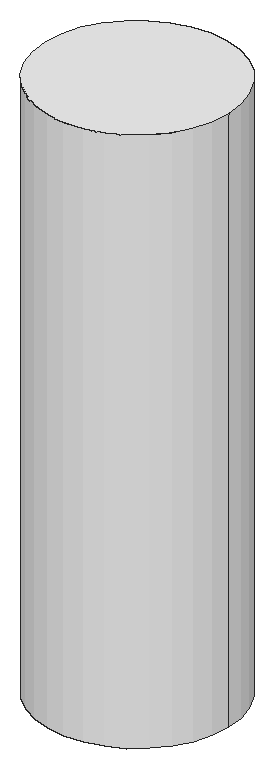
Revit family "05672019", category Plumbing Fixtures, Revit 2020
Family settings
  Round Connector Dimension = Use Diameter
  Part Type = Normal
  OmniClass Number = 23.45.55.00
  OmniClass Title = Sanitary Faucets, Wastes
  Work Plane-Based = No
  Always vertical = Yes
  Cut with Voids When Loaded = No
  Shared = No
  Room Calculation Point = No
Parameters (values of type "05672019 Washbasin faucet, 6 V, Bluetooth")
  Working Pressure = "100 - 1000 kPa"
  WarrantyStartDate [instance] = "n/a"
  WarrantyGuarantorParts = "n/a"
  WarrantyGuarantorLabor = "n/a"
  WarrantyDurationUnit = "Year"
  WarrantyDurationParts = "n/a"
  WarrantyDurationLabor = "n/a"
  WarrantyDescription = "http://warranty.hansa.com"
  Warranty Information URL = "http://warranty.hansa.com"
  VersionDate = "01/06/2023"
  Version = "1"
  ValvePattern = "n/a"
  ValveOperation = "n/a"
  ValveMechanism = "n/a"
  Uniclass2015Reference = "Pr_40_20_87_96"
  Uniclass2015Description = "Washbasin manual water supply sets"
  Uniclass2 = "Pr_40_30_96_96"
  URL WEEE = "http://static.hansa.com/WEEE/05672019"
  URL UN38.3 = "http://static.hansa.com/UN383/05672019"
  URL REACH = "http://static.hansa.com/doc/reach"
  URL EcoLabel Declaration = "http://static.hansa.com/doc/EcoLabel"
  URL EU Packaging Declaration = "http://static.hansa.com/doc/packaging"
  URL Declaration of SCIP = "http://static.hansa.com/doc/SCIP"
  URL Declaration of Conformity = "http://static.hansa.com/DoC/05672019"
  URL Declaration of Asbestos = "http://static.hansa.com/doc/asbestos"
  URL Declaration Of Performance (DOP) = "http://static.hansa.com/doc/DoP"
  URL ABP = "http://static.hansa.com/ABP/05672019"
  URL = ""
  UNSPSC Class Number = "30181700 Faucets or taps"
  TestPressure = "n/a"
  Technical DataSheet URL = "http://www.hansa.com/datasheet/05672019/en"
  TagNumber [instance] = "n/a"
  SustainabilityPerformance = "n/a"
  Surface treatment = "Chrome"
  Spout Type = "Fixed spout;Casted construction"
  Spout Projection = "117 mm"
  Spare-Part Information URL = "http://static.hansa.com/sp/05672019"
  Size = "55x154x146 mm"
  Shape = "Sculptured"
  SerialNumber [instance] = "n/a"
  Sales Package dimensions (LxWxH) = "290 x 210 x 90"
  Revision = "n/a"
  ReplacementCost = "n/a"
  Protection Class = "IP 55"
  ProductInformation = "n/a"
  Product URL = "http://static.hansa.com/05672019"
  Product Image URL = "http://static.hansa.com/image/05672019"
  Product Family = "HANSAMEDIPRO Protec"
  Product Code = "05672019"
  OperatingMechanismMaterial = "n/a"
  Operating Voltage = 6 V
  Operating Distance = "20-130 mm (110/130/160 mm)"
  NominalWidth = 55 mm
  NominalHeight = 146 mm
  NominalDepth = 154 mm
  Noise Class = "I (ISO 3822)"
  Name_en = "05672019 Washbasin faucet, 6 V, Bluetooth"
  Name = "05672019 Washbasin faucet, 6 V, Bluetooth"
  NBSReference = "45-35-70/371"
  NBSDescription = "Water supply fittings for wash basins and troughs"
  Mounting Holes = "1 hole"
  ModelReference = "05672019"
  ModelNumber = "n/a"
  Model = "05672019 Washbasin faucet, 6 V, Bluetooth"
  Mobile Product Information URL = "http://mpi.hansa.com/05672019"
  Mechanical Parts = "Litter filter(s);Non-return valve(s)"
  Max. Hot Water Supply = 70 °C
  Max Flow Period = "2 min (1 - 1800 s)"
  Material = "Brass"
  Market = "Austria;Belgium;Czech Republic;Germany;Spain;France;International;Italy;Netherlands;Slovakia"
  ManufacturerURL = "http://www.hansa.com"
  ManufacturerName = "HANSA"
  Manufacturer = "HANSA"
  Interactive AR View URL = "https://static.hansa.com/AR/05672019"
  InstallationDate [instance] = "n/a"
  Installation and Maintenance Guide URL = "http://static.hansa.com/manual/05672019"
  Installation Type = "Deck mounted"
  InletConnectionSize = 10 mm
  IfcExportType = "FAUCET"  # constant formula
  IfcExportAs = "IfcValveType"  # constant formula
  Group = "Washbasin faucet"
  Grade = "n/a"
  FlowCoefficient = 0
  Flow Rate At 300kPa With Flow Controller = 0.1 L/s
  Flow Rate At 300kPa (with flow controller) = 0.1 L/s
  Flow Drawing URL = "http://static.hansa.com/flowchart/05672019"
  Finish = "Polished"
  Features = "Touchless;Battery-operated;Bluetooth®"
  FaucetMainMaterial = Brass
  FDV Document URL = "http://www.hansa.com/datasheet/05672019/en/fdv"
  ExpectedLife = "n/a"
  Excluded Items = "Without pop-up waste;Without draw-rod opening"
  Electronic Parts = "Autofocus infrared sensor;Solenoid valve;Low battery indicator"
  ETIM Class Number = "EC010340 Electronic tap"
  EN Standard = "EN 15091,\nETSI EN 301 489-1 V1.9.2 , \nETSI EN 300 328 v2.2.2 , \nEN 61000-6-1:2007 , \nEN 61000-6-3:2007+A1:2011+AC:2012 , \nEN 60335-1:2012+A11+A13+A1+A14+A2+A15:2021, Part 19.11.4"
  EMC Directive = "Radio Equipment Directive 2014/53/EU , \nLow Voltage Directive 2014/35/EU , \nEMC Directive 2014/30/EU , \nRoHS Directive 2011/65/EU"
  EAN Number = "4057304005046"
  DurationUnit = "Year"
  Dimension Drawing URL = "http://static.hansa.com/dimdrw/05672019"
  Description = ""
  DefaultElevation [instance] = 900 mm
  Default Elevation = 0 mm
  Constituents = "n/a"
  Connection Size = "G3/8"
  Connection = "Flexible inlet pipes;One inlet for cold or premixed water;Special coating for hygienic premises"
  Color = "Chrome"
  CodePerformance = "n/a"
  CloseOffRating = 0
  Catalog Drawing URL = "http://static.hansa.com/catdrw/05672019"
  Brand = "HANSA"
  BodyMaterial = "Brass"
  Bluetooth = "4.x (D034445)"
  Battery = "Lithium 2CR5 6 V"
  Barcode [instance] = "n/a"
  Backflow Prevention EN1717 = "AA"
  BIMObjectName = "05672019"
  Automatic Flush Period = "30 s (1-1800 s)"
  Automatic Flush Frequency = "off (off/1-120 h)"
  Author = "BIMStone"
  AssetType = "Fixed"
  AssetIdentifier [instance] = "n/a"
  Approval ABP = "P-IX 29469/IO"
  Ambience photo = "http://static.hansa.com/ambience/05672019"
  Afterflow Period = "3 s (1-20 s)"
  Aerator = "Laminar stream"
  Advanced Features = "Inner body made of DZR brass;Surfaces in contact with drinking water contain less than 0.3% lead;Waterways without nickel coating;;Software settings adjustable via App"
  AccessibilityPerformance = "n/a"
  3D View = "https://static.hansa.com/AR/05672019"
  2D/3D/BIM Files URL = "http://static.hansa.com/bim/05672019"
Reference planes
  plane 1 "Center (Front/Back)": y = 0
  plane 2: z = 0
  plane 3 "Center (Left/Right)": x = 0
  plane 4: x = -27.5
  plane 5: x = 27.5
  plane 6: z = 1046
  plane 7: z = 900
  plane 8: z = 870
  plane 9: y = -154
Forms (mm)
  Extrusion 1, solid, material "Brass" <- "FaucetMainMaterial", detail levels medium
    sketch origin (0, 0, 0) x (0, 1, 0) y (0, 0, 1)
      loop
        line (0, 900) -> (-14.556, 1023.932) -> (-131.711, 1046) -> (-148.834, 1046) -> (-154, 1016.702) -> (-78.606, 1003.408)
        arc (-78.606, 1003.408) -> (-63.727, 992.086) -> (-57.658, 974.402) r 32.167
        line (-57.658, 974.402) -> (-55, 900) -> (0, 900)
    from -27.5 to 27.5
  Extrusion 2, solid, material "Brass" <- "FaucetMainMaterial", detail levels coarse
    sketch origin (0, 0, 0) x (1, 0, 0) y (0, 1, 0)
      loop
        line (-27.5, 0) -> (-27.5, -154) -> (27.5, -154) -> (27.5, 0) -> (-27.5, 0)
    from 900 to 1046
  Extrusion 3, solid, material "Brass" <- "FaucetMainMaterial"
    sketch origin (0, 0, 0) x (1, 0, 0) y (0, 1, 0)
      loop
        circle (0, -27.5) r 5
    from 870 to 900
Lines and regions (mm)
  symbolic lines, detail levels medium+fine
    curve 1: line (-15.5, -69.537, 0) -> (-15.5, -136.641, 0)
    curve 2: arc (-22.324, -45.737, 0) -> (-17.24, -57.157, 0) -> (-15.5, -69.537, 0) r 44.913
    curve 3: arc (-27.502, -27.489, 0) -> (-26.212, -36.982, 0) -> (-22.324, -45.737, 0) r 33.978
    curve 4: arc (27.5, -27.489, 0) -> (27.347, -24.595, 0) -> (26.89, -21.734, 0) r 27.502
    curve 5: line (15.499, -71.499, 0) -> (15.499, -136.641, 0)
    curve 6: arc (22.753, -45.031, 0) -> (17.345, -57.777, 0) -> (15.499, -71.499, 0) r 51.914
    curve 7: arc (27.5, -27.489, 0) -> (27.182, -32.345, 0) -> (26.175, -37.105, 0) r 33.977
    curve 8: spline (-15.5, -136.641, 0) -> (-15.464, -137.692, 0) -> (-15.356, -138.739, 0) -> (-15.177, -139.775, 0) -> (-14.927, -140.797, 0) -> (-14.608, -141.8, 0) -> (-14.221, -142.779, 0) -> (-13.767, -143.729, 0) -> (-13.25, -144.647, 0) -> (-12.671, -145.527, 0) -> (-12.033, -146.366, 0) -> (-11.34, -147.159, 0) -> (-10.593, -147.904, 0)
    curve 10: spline (10.592, -147.904, 0) -> (11.339, -147.159, 0) -> (12.032, -146.366, 0) -> (12.67, -145.527, 0) -> (13.249, -144.647, 0) -> (13.766, -143.73, 0) -> (14.219, -142.779, 0) -> (14.606, -141.8, 0) -> (14.926, -140.798, 0) -> (15.175, -139.775, 0) -> (15.355, -138.739, 0) -> (15.463, -137.692, 0) -> (15.499, -136.641, 0)
    curve 11: arc (-10.593, -147.904, 0) -> (0, -154.001, 0) -> (10.592, -147.904, 0) r 12.251
    curve 12: arc (26.89, -21.734, 0) -> (-2.895, -0.141, 0) -> (-27.502, -27.489, 0) r 27.501
    curve 13: arc (26.175, -37.105, 0) -> (24.717, -41.177, 0) -> (22.753, -45.031, 0) r 33.977
    curve 14: line (-27.5, 0, 900) -> (27.5, 0, 900)
    curve 15: line (-27.5, 0, 900) -> (-27.5, 0, 926.446)
    curve 16: line (-27.5, 0, 926.446) -> (-24.359, 0, 988.391)
    curve 17: arc (-24.359, 0, 988.391) -> (-21.799, 0, 1003.69) -> (-15.365, 0, 1017.804) r 59.407
    curve 18: line (-15.365, 0, 1017.804) -> (-15.365, 0, 1030.848)
    curve 19: line (27.5, 0, 900) -> (27.5, 0, 926.446)
    curve 20: line (27.5, 0, 926.446) -> (24.359, 0, 988.391)
    curve 21: arc (24.359, 0, 988.391) -> (21.799, 0, 1003.69) -> (15.365, 0, 1017.804) r 59.407
    curve 22: line (15.365, 0, 1017.804) -> (15.365, 0, 1030.848)
    curve 23: spline (-15.365, 0, 1030.848) -> (-14.842, 0, 1034.769) -> (-13.307, 0, 1038.424) -> (-10.865, 0, 1041.562) -> (-7.683, 0, 1043.97) -> (-3.977, 0, 1045.484) -> (0, 0, 1046) -> (3.977, 0, 1045.484) -> (7.683, 0, 1043.97) -> (10.865, 0, 1041.562) -> (13.307, 0, 1038.424) -> (14.842, 0, 1034.769) -> (15.365, 0, 1030.848)
    curve 35: line (0, 0, 900) -> (0, -55, 900)
    curve 36: line (0, -55, 900) -> (0, -55.591, 916.557)
    curve 37: arc (0, -57.658, 974.402) -> (0, -65.719, 994.595) -> (0, -84.77, 1005.073) r 32.227
    curve 38: line (0, -84.77, 1005.073) -> (0, -126.058, 1012.353)
    curve 39: line (0, -126.058, 1012.353) -> (0, -131.511, 1015.442)
    curve 40: line (0, -154, 1028.18) -> (0, -154, 1031.901)
    curve 41: arc (0, -154, 1031.901) -> (0, -150.001, 1041.74) -> (0, -140.273, 1046) r 14.104
    curve 42: line (0, -140.273, 1046) -> (0, -137.862, 1046)
    curve 43: line (0, -137.862, 1046) -> (0, -41.204, 1028.341)
    curve 44: arc (0, -41.204, 1028.341) -> (0, -32.804, 1026.199) -> (0, -24.778, 1022.921) r 62.87
    curve 45: arc (0, -24.778, 1022.921) -> (0, -15.216, 1014.888) -> (0, -10.489, 1003.328) r 26.06
    curve 46: line (0, -10.489, 1003.328) -> (0, 0, 900)
    curve 47: line (0, -133.808, 1011.385) -> (0, -153.611, 1022.818)
    curve 48: line (0, -153.611, 1022.818) -> (0, -151.406, 1026.711)
    curve 49: line (0, -133.808, 1011.385) -> (0, -131.511, 1015.442)
    curve 51: line (0, -151.406, 1026.711) -> (0, -154, 1028.18)
    curve 52: arc (0, -56.48, 941.432) -> (0, -58.009, 937.875) -> (0, -56.23, 934.436) r 4.529
    curve 53: arc (0, -55.841, 923.552) -> (0, -57.387, 919.995) -> (0, -55.591, 916.557) r 4.5
    curve 54: line (0, -55.841, 923.552) -> (0, -56.23, 934.436)
    curve 57: line (0, -56.48, 941.432) -> (0, -57.658, 974.402)
  symbolic lines, detail levels fine
    curve 9: spline (-10.593, -147.904, 0) -> (-9.095, -149.135, 0) -> (-7.454, -150.169, 0) -> (-5.695, -150.991, 0) -> (-3.847, -151.587, 0) -> (-1.939, -151.948, 0) -> (0, -152.07, 0) -> (1.938, -151.948, 0) -> (3.846, -151.587, 0) -> (5.694, -150.991, 0) -> (7.453, -150.169, 0) -> (9.094, -149.135, 0) -> (10.592, -147.904, 0)
    curve 24: circle (0, 0, 937.975) r 3.491 normal (0, -1, 0)
    curve 25: circle (0, 0, 919.975) r 3.491 normal (0, -1, 0)
    curve 26: spline (-15.365, 0, 1030.848) -> (-15.342, 0, 1030.007) -> (-15.271, 0, 1029.17) -> (-15.153, 0, 1028.337) -> (-14.989, 0, 1027.512) -> (-14.778, 0, 1026.698) -> (-14.522, 0, 1025.896) -> (-14.221, 0, 1025.11) -> (-13.876, 0, 1024.341) -> (-13.489, 0, 1023.592) -> (-13.06, 0, 1022.865) -> (-12.591, 0, 1022.163) -> (-12.084, 0, 1021.488)
    curve 27: spline (12.084, 0, 1021.488) -> (12.591, 0, 1022.163) -> (13.06, 0, 1022.865) -> (13.489, 0, 1023.592) -> (13.876, 0, 1024.341) -> (14.221, 0, 1025.11) -> (14.522, 0, 1025.896) -> (14.778, 0, 1026.698) -> (14.989, 0, 1027.512) -> (15.153, 0, 1028.337) -> (15.271, 0, 1029.17) -> (15.342, 0, 1030.007) -> (15.365, 0, 1030.848)
    curve 28: spline (-11.212, 0, 1024.032) -> (-10.105, 0, 1025.228) -> (-8.604, 0, 1026.277) -> (-6.766, 0, 1027.139) -> (-4.663, 0, 1027.78) -> (-2.378, 0, 1028.175) -> (0, 0, 1028.308) -> (2.378, 0, 1028.175) -> (4.663, 0, 1027.78) -> (6.766, 0, 1027.139) -> (8.604, 0, 1026.277) -> (10.105, 0, 1025.228) -> (11.212, 0, 1024.032)
    curve 29: line (-11.212, 0, 1019.289) -> (-11.212, 0, 1018.089)
    curve 30: line (11.212, 0, 1019.289) -> (11.212, 0, 1018.089)
    curve 31: spline (11.212, 0, 1024.032) -> (11.476, 0, 1023.624) -> (11.694, 0, 1023.207) -> (11.864, 0, 1022.784) -> (11.986, 0, 1022.355) -> (12.059, 0, 1021.922) -> (12.084, 0, 1021.488) -> (12.059, 0, 1021.054) -> (11.986, 0, 1020.622) -> (11.864, 0, 1020.193) -> (11.694, 0, 1019.769) -> (11.476, 0, 1019.352) -> (11.212, 0, 1018.944)
    curve 32: spline (11.212, 0, 1018.089) -> (10.83, 0, 1019.493) -> (9.71, 0, 1020.801) -> (7.928, 0, 1021.925) -> (5.606, 0, 1022.787) -> (2.902, 0, 1023.328) -> (0, 0, 1023.513) -> (-2.902, 0, 1023.328) -> (-5.606, 0, 1022.787) -> (-7.928, 0, 1021.925) -> (-9.71, 0, 1020.801) -> (-10.83, 0, 1019.493) -> (-11.212, 0, 1018.089) -> (-10.83, 0, 1016.686) -> (-9.71, 0, 1015.377) -> (-7.928, 0, 1014.254) -> (-5.606, 0, 1013.392) -> (-2.902, 0, 1012.85) -> (0, 0, 1012.665) -> (2.902, 0, 1012.85) -> (5.606, 0, 1013.392) -> (7.928, 0, 1014.254) -> (9.71, 0, 1015.377) -> (10.83, 0, 1016.686) -> (11.212, 0, 1018.089)
    curve 33: spline (11.212, 0, 1019.289) -> (10.83, 0, 1020.693) -> (9.71, 0, 1022.001) -> (7.928, 0, 1023.125) -> (5.606, 0, 1023.987) -> (2.902, 0, 1024.528) -> (0, 0, 1024.713) -> (-2.902, 0, 1024.528) -> (-5.606, 0, 1023.987) -> (-7.928, 0, 1023.125) -> (-9.71, 0, 1022.001) -> (-10.83, 0, 1020.693) -> (-11.212, 0, 1019.289)
    curve 34: spline (-11.212, 0, 1018.944) -> (-11.476, 0, 1019.352) -> (-11.694, 0, 1019.769) -> (-11.864, 0, 1020.193) -> (-11.986, 0, 1020.622) -> (-12.059, 0, 1021.054) -> (-12.084, 0, 1021.488) -> (-12.059, 0, 1021.922) -> (-11.986, 0, 1022.355) -> (-11.864, 0, 1022.784) -> (-11.694, 0, 1023.207) -> (-11.476, 0, 1023.624) -> (-11.212, 0, 1024.032)
    curve 50: line (0, -131.511, 1015.442) -> (0, -151.406, 1026.711)
    curve 55: line (0, -55.591, 916.557) -> (0, -55.841, 923.552)
    curve 56: line (0, -56.23, 934.436) -> (0, -56.48, 941.432)
Dimensions and locks
  equal spacing: plane 4, plane 3 "Center (Left/Right)", plane 5
  "NominalHeight": plane 6 to plane 7
  "DefaultElevation": plane 7 to level
  locked: plane 7 to plane 8 at 30
  "NominalWidth": plane 4 to plane 5
  "NominalDepth": plane 9 to plane 1 "Center (Front/Back)"
  "InletConnectionSize": diameter of Extrusion 3 sketch curve
  aligned and locked: level to plane 2
  aligned and locked: plane 6 to Extrusion 2
  aligned and locked: Extrusion 2 to plane 7
  aligned and locked: plane 7 to Extrusion 3
  aligned and locked: Extrusion 3 to plane 8
  aligned and locked: import instance to plane 7
Automatic sketch dimensions
  Extrusion 2 sketch curve to plane 4 = 0 mm
  plane 1 "Center (Front/Back)" to Extrusion 2 sketch curve = 0 mm
  plane 5 to Extrusion 2 sketch curve = 0 mm
  curve 14 to plane 4 = 0 mm
  curve 25 to plane 3 "Center (Left/Right)" = 0 mm
  curve 26 to plane 3 "Center (Left/Right)" = 0 mm
  curve 34 to plane 3 "Center (Left/Right)" = 0 mm
  curve 23 to plane 3 "Center (Left/Right)" = 0 mm
  curve 24 to plane 3 "Center (Left/Right)" = 0 mm
  curve 27 to plane 3 "Center (Left/Right)" = 0 mm
  curve 32 to plane 3 "Center (Left/Right)" = 0 mm
  curve 28 to plane 3 "Center (Left/Right)" = 0 mm
  curve 31 to plane 3 "Center (Left/Right)" = 0 mm
  curve 20 to plane 5 = 0 mm
  curve 14 to plane 7 = 0 mm
  curve 21 to plane 4 = 7.512 mm
  plane 4 to curve 16 = 3.141 mm
  plane 4 to curve 18 = 12.135 mm
  curve 17 to curve 29 = 4.154 mm
  curve 20 to plane 5 = 3.141 mm
  plane 5 to curve 17 = 7.512 mm
  plane 7 to curve 25 = 19.975 mm
  plane 7 to curve 15 = 26.446 mm
  curve 25 to curve 24 = 18 mm
  curve 17 to plane 6 = 59.682 mm
  curve 21 to plane 6 = 59.682 mm
  curve 17 to curve 20 = 2.073 mm
  curve 21 to curve 16 = 2.073 mm
  curve 17 to curve 29 = 1.486 mm
  curve 33 to curve 22 = 11.558 mm
  curve 26 to curve 23 = 0 mm  (x2)
  curve 27 to curve 23 = 0 mm  (x2)
  curve 28 to curve 33 = 0.872 mm
  curve 26 to curve 28 = 0 mm  (x2)
  curve 31 to curve 34 = 0 mm
  curve 31 to curve 28 = 0.872 mm
  curve 28 to curve 27 = 0.872 mm
  plane 7 to curve 19 = 26.446 mm
  curve 29 to curve 29 = 1.2 mm
  curve 32 to curve 30 = 1.2 mm
  curve 30 to curve 32 = 0 mm
  curve 34 to curve 29 = 0.345 mm
  curve 31 to curve 30 = 0.345 mm
  curve 33 to curve 27 = 2.199 mm
  curve 33 to curve 31 = 2.199 mm
  curve 28 to curve 34 = 0 mm
  curve 7 to curve 13 = 0 mm  (x2)
  curve 8 to plane 3 "Center (Left/Right)" = 0 mm
  curve 11 to plane 3 "Center (Left/Right)" = 0 mm
  curve 12 to plane 3 "Center (Left/Right)" = 0.001 mm
  curve 4 to curve 12 = 0.001 mm  (x2)
  curve 7 to plane 3 "Center (Left/Right)" = 6.476 mm
  plane 4 to curve 1 = 12 mm
  curve 2 to plane 4 = 32.913 mm
  plane 3 "Center (Left/Right)" to curve 3 = 6.475 mm
  curve 5 to plane 5 = 12.001 mm
  plane 5 to curve 6 = 39.912 mm
  plane 1 "Center (Front/Back)" to curve 12 = 27.489 mm
  curve 3 to curve 12 = 0.218 mm
  curve 13 to curve 4 = 0.218 mm
  curve 2 to curve 12 = 42.048 mm
  curve 5 to curve 1 = 1.962 mm
  curve 5 to curve 8 = 0 mm
  curve 11 to curve 10 = 5.109 mm
  curve 9 to plane 3 "Center (Left/Right)" = 0 mm
  curve 10 to curve 9 = 0 mm
  curve 8 to plane 3 "Center (Left/Right)" = 10.593 mm
  curve 9 to curve 1 = 0 mm
  plane 4 to curve 2 = 5.176 mm
  curve 7 to plane 5 = 1.325 mm
  curve 12 to plane 5 = 0.61 mm
  curve 1 to curve 9 = 0 mm
  plane 9 to curve 1 = 17.359 mm
  curve 11 to curve 11 = 6.154 mm
  plane 9 to Extrusion 2 sketch curve = 0 mm
  Extrusion 1 sketch curve to plane 9 = 0 mm
  Extrusion 1 sketch curve to plane 6 = 0 mm
  Extrusion 1 sketch curve to plane 7 = 0 mm
  Extrusion 1 sketch curve to plane 1 "Center (Front/Back)" = 0 mm
  plane 9 to Extrusion 1 sketch curve = 5.166 mm
  Extrusion 1 sketch curve to Extrusion 1 sketch curve = 17.123 mm
  plane 9 to Extrusion 1 sketch curve = 64.195 mm
  Extrusion 1 sketch curve to Extrusion 1 sketch curve = 55 mm
  plane 1 "Center (Front/Back)" to Extrusion 1 sketch curve = 14.556 mm
  Extrusion 1 sketch curve to plane 6 = 29.298 mm
  Extrusion 1 sketch curve to plane 6 = 22.068 mm
  Extrusion 1 sketch curve to plane 6 = 42.592 mm
  Extrusion 1 sketch curve to Extrusion 1 sketch curve = 32.147 mm
  Extrusion 1 sketch curve to Extrusion 1 sketch curve = 1.148 mm
  curve 51 to plane 9 = 0 mm
  curve 41 to plane 6 = 0 mm
  curve 35 to plane 7 = 0 mm
  curve 35 to plane 1 "Center (Front/Back)" = 0 mm
  plane 9 to curve 48 = 0.389 mm
  plane 9 to curve 51 = 2.594 mm
  plane 9 to curve 42 = 13.727 mm
  curve 48 to curve 41 = 11.51 mm
  curve 42 to curve 42 = 2.411 mm
  plane 9 to curve 47 = 20.192 mm
  curve 47 to curve 50 = 2.297 mm
  curve 39 to curve 39 = 5.453 mm
  curve 38 to curve 37 = 36.193 mm
  curve 37 to curve 38 = 5.094 mm
  curve 37 to curve 57 = 32.207 mm
  plane 1 "Center (Front/Back)" to curve 35 = 55 mm
  curve 37 to curve 52 = 4.175 mm
  curve 52 to curve 53 = 0.593 mm
  curve 37 to curve 44 = 5.155 mm
  curve 43 to plane 6 = 17.659 mm
  plane 1 "Center (Front/Back)" to curve 43 = 41.204 mm
  curve 43 to curve 45 = 4.934 mm
  plane 1 "Center (Front/Back)" to curve 46 = 10.489 mm
  plane 7 to curve 53 = 20.155 mm
  curve 53 to curve 52 = 17.881 mm
  curve 52 to curve 44 = 28.458 mm
  curve 44 to curve 37 = 6.756 mm
  curve 44 to curve 57 = 7.906 mm
  curve 45 to curve 43 = 28.809 mm
  curve 46 to curve 44 = 19.593 mm
  curve 49 to curve 41 = 20.516 mm
  curve 47 to curve 39 = 0.968 mm
  curve 52 to curve 52 = 2.997 mm
  curve 53 to curve 53 = 2.952 mm
  curve 53 to curve 54 = 3.397 mm
  plane 7 to curve 36 = 16.557 mm
  plane 7 to curve 54 = 34.436 mm
  curve 56 to curve 52 = 2.747 mm
  Extrusion 3 sketch curve to plane 3 "Center (Left/Right)" = 0 mm
  plane 1 "Center (Front/Back)" to Extrusion 3 sketch curve = 27.5 mm
  radius of curve 24 = 3.491 mm
  radius of curve 25 = 3.491 mm
Nested families
  nested 1: "Symbol" at (0, 0, 0), type "Symbol", detail levels coarse
Connectors
  piping at (0, -27.5, 870), diameter 10, driven by "InletConnectionSize", driven by "Flow Rate At 300kPa (with flow controller)"
    settings: on Extrusion 3, index 1, connector inside diameter 609.6 mm, connector length 0 mm, flow factor 0, pipe flow 0.1 L/s, pressure drop 0.0 Pa, fitting loss kfactor 0, connector angle 0.00°, fixture units 0, engagement length 0 mm, angle of deflection 0.00°, flow configuration 1, flow direction 1, fitting loss method 0, system type 19, joint type 0, gender type 0, connector reference index -1, connector utility 0, adjustable connector no, is connector primary yes, connector description ""
Definition of nested family "Symbol"
  Reference planes
    plane 1: y = 0
    plane 2: x = 0
  Lines and regions (mm)
    detail lines
      curve 1: line (0, 0, 0) -> (0, -1.8, 0)
      curve 2: line (-0.4, -1.1, 0) -> (0.4, -1.1, 0)
      curve 3: line (-0.4, -1.4, 0) -> (0.4, -1.4, 0)
      curve 4: line (0.863, 0, 0) -> (-0.863, 0, 0)
      curve 5: circle (-1.163, 0, 0) r 0.3 normal (0, 0, -1)
      curve 6: circle (1.163, 0, 0) r 0.3 normal (0, 0, 1)
